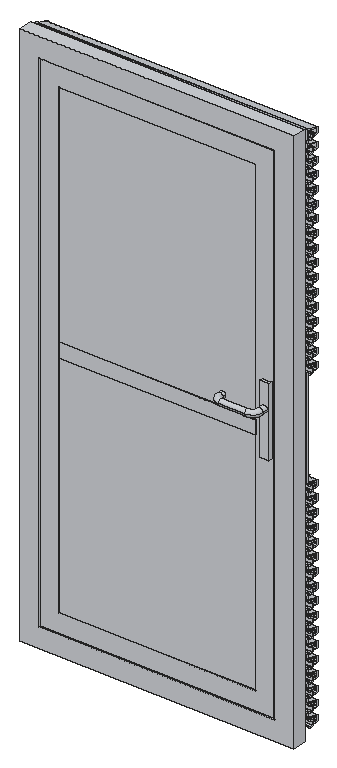
Revit family "NLRS_31_DO_WB_HS42R enkele deur-AV_jazo_jazo", category Doors, host Wall, Revit 2020 (continued)
Definition of nested family "NLRS_31_GM_UN_aluminium kozijn-AV"
  Dimensions and locks
    aligned and locked: nested 1 to plane 9 "achterkant kozijn"
    aligned and locked: plane 9 "achterkant kozijn" to nested 2
    aligned and locked: Sweep 1 sketch curve to plane 6 "Top"
    aligned and locked: plane 5 "Right" to Sweep 1 sketch curve
    aligned and locked: Sweep 1 sketch curve to plane 4 "Left"
    aligned and locked: level to Sweep 1 sketch curve
    aligned and locked: plane 5 "Right" to nested 2
    aligned and locked: plane 4 "Left" to nested 1
    aligned and locked: plane 6 "Top" to nested 3
    aligned and locked: plane 2 "Bottom" to nested 4
    aligned and locked: Sweep 2 sketch curve to plane 11 "offset boven"
    aligned and locked: plane 12 "offset rechts 1" to Sweep 2 sketch curve
    aligned and locked: plane 10 "offset links 1" to Sweep 2 sketch curve
    aligned and locked: curve 1 to plane 9 "achterkant kozijn"
    aligned and locked: curve 2 to plane 7 "voorkant kozijn"
    aligned and locked: plane 11 "offset boven" to Sweep 2
    aligned and locked: plane 7 "voorkant kozijn" to curve 3
    aligned and locked: curve 4 to plane 9 "achterkant kozijn"
  Automatic sketch dimensions
    Sweep 1 sketch curve to profile plane = 0 mm
    plane 1 "Center (Front/Back)" to Sweep 1 sketch curve = 4.5 mm
    Sweep 1 sketch curve to Sweep 1 sketch curve = 20 mm
    Sweep 1 sketch curve to Sweep 1 sketch curve = 32 mm
    Sweep 1 sketch curve to plane 1 "Center (Front/Back)" = 30 mm
    plane 1 "Center (Front/Back)" to Sweep 1 sketch curve = 30 mm
    Sweep 2 sketch curve to Sweep 2 sketch curve = 0 mm  (x3)
    profile plane to Sweep 2 sketch curve = 0 mm
    profile plane to Sweep 2 sketch curve = 2 mm
    profile plane to Sweep 2 sketch curve = 2.726 mm
    Sweep 2 sketch curve to Sweep 2 sketch curve = 1.932 mm  (x2)
    Sweep 2 sketch curve to Sweep 2 sketch curve = 6.451 mm
    Sweep 2 sketch curve to plane 1 "Center (Front/Back)" = 43.137 mm
    Sweep 2 sketch curve to Sweep 2 sketch curve = 2 mm
    Sweep 2 sketch curve to Sweep 2 sketch curve = 0.965 mm
    Sweep 2 sketch curve to Sweep 2 sketch curve = 10.172 mm
    plane 1 "Center (Front/Back)" to Sweep 2 sketch curve = 4.5 mm
    level to curve 3 = 20 mm
    level to curve 4 = 52 mm
    curve 4 to plane 11 "offset boven" = 32 mm
    curve 3 to plane 11 "offset boven" = 0 mm
    curve 2 to plane 10 "offset links 1" = 0 mm
    curve 5 to plane 13 "offset links 2" = 0 mm
    curve 1 to plane 13 "offset links 2" = 0 mm
    curve 5 to plane 14 "offset rechts 2" = 0 mm
    curve 1 to plane 14 "offset rechts 2" = 0 mm
    curve 2 to plane 12 "offset rechts 1" = 0 mm
    plane 1 "Center (Front/Back)" to curve 5 = 4.5 mm
  Nested families
    nested 1: "NLRS_31_DI_UN_alu kozijn detail" at (-500, 35, 0), visible <- "NLRS_C_zichtbaar_01", type "alu kozijn detail"
    nested 2: "NLRS_31_DI_UN_alu kozijn detail" at (500, 35, 0) x (-1, 0, 0) z (0, 0, 1), visible <- "NLRS_C_zichtbaar_01", type "alu kozijn detail"
    nested 3: "NLRS_31_DI_UN_alu kozijn detail" at (0, 35, 2000) x (0, 0, -1) z (1, 0, 0), visible <- "NLRS_C_zichtbaar_01", type "alu kozijn detail"
    nested 4: "NLRS_31_DI_UN_alu kozijn detail" at (0, 35, 0) x (0, 0, 1) z (1, 0, 0), visible <- "NLRS_C_zichtbaar_01", type "alu kozijn detail"
  Definition of nested family "NLRS_31_DI_UN_alu kozijn detail"
    Parameters (values of type "alu kozijn detail")
      URL = "www.jazo.com"
      Manufacturer = "Jazo Zevenaar BV"
      Description = "Aluminium kozijn detail"
      Assembly Code = "23.30.10.11.11"
    Reference planes
      plane 1 "Center (Front/Back)": y = 0
      plane 2: z = 0
      plane 3 "Center (Left/Right)": x = 0
    Lines and regions (mm)
      detail lines, in view "Ref. Level"
        curve 1: line (16.3, 18, 0) -> (16.3, 30, 0)
        curve 2: line (16.3, 30, 0) -> (18, 31.7, 0)
        curve 3: line (18, 31.7, 0) -> (18, 35.5, 0)
        curve 4: arc (18, 35.5, 0) -> (18.293, 36.207, 0) -> (19, 36.5, 0) r 1
        curve 5: line (19, 36.5, 0) -> (39.6, 36.5, 0)
        curve 6: line (39.6, 36.5, 0) -> (39.6, 38.3, 0)
        curve 7: arc (39.6, 38.3, 0) -> (39.893, 39.007, 0) -> (40.6, 39.3, 0) r 1
        curve 8: line (40.6, 39.3, 0) -> (50, 39.3, 0)
        curve 9: line (50, 39.3, 0) -> (50, 54.5, 0)
        curve 10: line (50, 54.5, 0) -> (48, 54.5, 0)
        curve 11: line (48, 54.5, 0) -> (48, 56, 0)
        curve 12: line (48, 56, 0) -> (50, 56, 0)
        curve 13: line (50, 56, 0) -> (50, 58, 0)
        curve 14: line (50, 58, 0) -> (18.3, 58, 0)
        curve 15: line (18.3, 58, 0) -> (18.3, 56, 0)
        curve 16: line (18.3, 56, 0) -> (20.3, 56, 0)
        curve 17: line (20.3, 56, 0) -> (20.3, 54.5, 0)
        curve 18: line (20.3, 54.5, 0) -> (18.3, 54.5, 0)
        curve 19: line (18.3, 54.5, 0) -> (18.3, 52, 0)
        curve 20: arc (18.3, 52, 0) -> (17.3, 51, 0) -> (16.3, 52, 0) r 1
        curve 21: line (16.3, 52, 0) -> (16.3, 58, 0)
        curve 22: line (16.3, 58, 0) -> (4, 58, 0)
        curve 23: line (4, 58, 0) -> (4, 48, 0)
        curve 24: line (4, 48, 0) -> (5.7, 47.019, 0)
        curve 25: line (5.7, 47.019, 0) -> (5.7, 38.1, 0)
        curve 26: line (5.7, 38.1, 0) -> (4, 37.119, 0)
        curve 27: line (4, 37.119, 0) -> (4, 29.491, 0)
        curve 28: line (4, 29.491, 0) -> (5.7, 28.51, 0)
        curve 29: line (5.7, 28.51, 0) -> (5.7, 12.981, 0)
        curve 30: line (5.7, 12.981, 0) -> (4, 12, 0)
        curve 31: line (4, 12, 0) -> (4, 4.5, 0)
        curve 32: line (4, 4.5, 0) -> (5.7, 3.519, 0)
        curve 33: line (5.7, 3.519, 0) -> (5.7, 2, 0)
        curve 34: line (5.7, 2, 0) -> (16.3, 2, 0)
        curve 35: line (16.3, 2, 0) -> (16.3, 9, 0)
        curve 36: line (16.3, 9, 0) -> (18, 9.981, 0)
        curve 37: line (18, 9.981, 0) -> (18, 16.3, 0)
        curve 38: line (18, 16.3, 0) -> (16.3, 18, 0)
        curve 39: line (42.724, 34.5, 0) -> (20, 34.5, 0)
        curve 40: line (20, 34.5, 0) -> (20, 25, 0)
        curve 41: line (20, 34.5, 0) -> (20, 0, 0)
        curve 42: line (20, 0, 0) -> (0, 0, 0)
        curve 43: line (0, 0, 0) -> (0, 2, 0)
        curve 44: line (0, 2, 0) -> (2, 2, 0)
        curve 45: line (2, 2, 0) -> (2, 12, 0)
        curve 46: line (2, 12, 0) -> (0, 12, 0)
        curve 47: line (0, 12, 0) -> (0, 14, 0)
        curve 48: line (0, 14, 0) -> (2, 14, 0)
        curve 49: line (2, 14, 0) -> (2, 46, 0)
        curve 50: line (2, 46, 0) -> (0, 46, 0)
        curve 51: line (0, 46, 0) -> (0, 48, 0)
        curve 52: line (0, 48, 0) -> (2, 48, 0)
        curve 53: line (2, 48, 0) -> (2, 58, 0)
        curve 54: line (2, 58, 0) -> (0, 58, 0)
        curve 55: line (0, 58, 0) -> (0, 60, 0)
        curve 56: line (0, 60, 0) -> (52, 60, 0)
        curve 57: line (52, 60, 0) -> (52, 34.5, 0)
        curve 58: line (52, 34.5, 0) -> (48.876, 34.5, 0)
        curve 59: line (42.724, 34.5, 0) -> (20, 34.5, 0)
        curve 60: line (41.6, 35.5, 0) -> (43, 35.5, 0)
        curve 61: line (41.6, 37.3, 0) -> (41.6, 35.5, 0)
        curve 62: line (50, 37.3, 0) -> (41.6, 37.3, 0)
        curve 63: line (50, 35.5, 0) -> (50, 37.3, 0)
        curve 64: line (48.6, 35.5, 0) -> (50, 35.5, 0)
        curve 65: arc (42.724, 34.5, 0) -> (43.243, 34.895, 0) -> (43, 35.5, 0) r 0.538
        curve 66: arc (48.876, 34.5, 0) -> (48.357, 34.895, 0) -> (48.6, 35.5, 0) r 0.538
Definition of nested family "NLRS_31_GM_UN_aluminium planken opbouwroosters-AV"
  Parameters (values of type "aluminium planken")
    URL = "www.jazo.com"
    NLRS_C_zichtbaar_02 = if(JAZO_C_aluminium kozijn, if(and(NLRS_C_inbraakwerend, JAZO_C_ventilerend), 1 < 2, if(and(NLRS_C_inbraakwerend, JAZO_C_ventilerend), 1 < 2, 2 < 1)), 2 < 1)  # no
    NLRS_C_zichtbaar_01 = if(JAZO_C_aluminium kozijn, if(or(JAZO_C_niet ventilerend, NLRS_C_zichtbaar_02), 1 < 2, 2 < 1), 2 < 1)  # yes
    NLRS_C_offset_01 = 10 mm
    NLRS_C_materiaal = none
    NLRS_C_inbraakwerend = no
    NLRS_C_hoogte_04 = (NLRS_C_hoogte / 2) - 102.5 mm - 138 mm  # 1159.5 mm
    NLRS_C_hoogte_03 = (NLRS_C_hoogte / 2) - 102.5 mm - 142 mm  # 1155.5 mm
    NLRS_C_hoogte_02 = NLRS_C_hoogte - 33 mm - 37 mm  # 2730 mm
    NLRS_C_hoogte = 2800 mm
    NLRS_C_diepte = 60 mm  # constant formula
    NLRS_C_breedte_03 = NLRS_C_breedte - (129 mm * 2)  # 1142 mm
    NLRS_C_breedte_02 = NLRS_C_breedte - (123.5 mm * 2)  # 1153 mm
    NLRS_C_breedte_01 = NLRS_C_breedte - 24 mm * 2  # 1352 mm
    NLRS_C_breedte = 1400 mm
    NLRS_C_aantal_02 = NLRS_C_hoogte_04 / 20 mm  # 58
    NLRS_C_aantal_01 = NLRS_C_hoogte_03 / 20 mm  # 58
    Model = ""
    Manufacturer = "JAZO Zevenaar bv"
    Keynote = ""
    JAZO_C_ventilerend = no
    JAZO_C_niet ventilerend = yes
    JAZO_C_aluminium kozijn = yes
    Description = "Aluminium planken"
    Default Elevation = 0 mm
    Assembly Code = "23.30.10.11"
  Reference planes
    plane 1 "Center (Front/Back)": y = 0
    plane 2 "Bottom": z = 0
    plane 3 "Center (Left/Right)": x = 0
    plane 4 "Left": x = -700
    plane 5 "Right": x = 700
    plane 6 "Top": z = 2800
    plane 7 "voorkant kozijn": y = 30
    plane 8 "achterkant kozijn": y = -30
    plane 9 "offset b": z = 2763
    plane 10 "offset o": z = 33
    plane 11 "onder 1": z = 138
    plane 12 "boven 1": z = 1297.5
    plane 13 "Center (Elevation)": z = 1400
    plane 14 "onder 2": z = 1502.5
    plane 15 "boven 2": z = 2658
    plane 16 "offset left": x = -676
    plane 17 "boven 3": x = 676
    plane 18 "offset links 2": x = -571
    plane 19 "offset rechts 2": x = 571
    plane 20 "offset bottom": y = -7.192
    plane 21 "offset top": y = 7.192
    plane 22 "achterkant plank": y = -15.008
    plane 23 "voorkant plank": y = 15.008
    plane 24: x = -561
    plane 25: x = 561
    plane 26: z = 2648
    plane 27: z = 1512.5
    plane 28: z = 1287.5
    plane 29: z = 148
  Forms (mm)
    Extrusion 1, solid, material <- "NLRS_C_materiaal", visible <- "NLRS_C_zichtbaar_01"
      sketch origin (0, 0, 0) x (1, 0, 0) y (0, 0, 1)
        loop
          line (-571, 2658) -> (-571, 1502.5) -> (571, 1502.5) -> (571, 2658) -> (-571, 2658)
        loop
          line (-571, 1297.5) -> (-571, 138) -> (571, 138) -> (571, 1297.5) -> (-571, 1297.5)
      from -7.192 to 7.192
    Extrusion 2, solid, visible <- "NLRS_C_zichtbaar_02"
      sketch origin (1000, 0, 0) x (1, 0, 0) y (0, 0, 1)
        loop
          line (-1561, 2648) -> (-1561, 1512.5) -> (-439, 1512.5) -> (-439, 2648) -> (-1561, 2648)
        loop
          line (-1561, 1287.5) -> (-1561, 148) -> (-439, 148) -> (-439, 1287.5) -> (-1561, 1287.5)
      from -7.192 to 7.192
  Lines and regions (mm)
    symbolic lines, visible <- "JAZO_C_aluminium kozijn"
      curve 1: line (-576.485, -15.008, 0) -> (576.485, -15.008, 0)
      curve 2: line (576.485, 15.008, 0) -> (-576.485, 15.008, 0)
  Dimensions and locks
    "NLRS_C_hoogte": plane 6 "Top" to plane 2 "Bottom"
    "NLRS_C_breedte": plane 4 "Left" to plane 5 "Right"
    equal spacing: plane 4 "Left", plane 3 "Center (Left/Right)", plane 5 "Right"
    "NLRS_C_diepte": plane 7 "voorkant kozijn" to plane 8 "achterkant kozijn"
    equal spacing: plane 7 "voorkant kozijn", plane 1 "Center (Front/Back)", plane 8 "achterkant kozijn"
    locked: plane 10 "offset o" to plane 2 "Bottom" at 33
    locked: plane 6 "Top" to plane 9 "offset b" at 37
    plane 9 "offset b" to plane 10 "offset o" = 2730 mm
    equal spacing: plane 6 "Top", plane 13 "Center (Elevation)", plane 2 "Bottom"
    locked: plane 13 "Center (Elevation)" to plane 12 "boven 1" at 102.5
    locked: plane 11 "onder 1" to plane 2 "Bottom" at 138
    locked: plane 14 "onder 2" to plane 13 "Center (Elevation)" at 102.5
    locked: plane 6 "Top" to plane 15 "boven 2" at 142
    equal spacing: plane 16 "offset left", plane 3 "Center (Left/Right)", plane 17 "boven 3"
    "NLRS_C_breedte_01": plane 16 "offset left" to plane 17 "boven 3"
    "NLRS_C_breedte_03": plane 18 "offset links 2" to plane 19 "offset rechts 2"
    equal spacing: plane 18 "offset links 2", plane 3 "Center (Left/Right)", plane 19 "offset rechts 2"
    equal spacing: plane 22 "achterkant plank", plane 1 "Center (Front/Back)", plane 23 "voorkant plank"
    locked: plane 22 "achterkant plank" to plane 23 "voorkant plank" at 30.015
    locked: plane 21 "offset top" to plane 20 "offset bottom" at 14.385
    equal spacing: plane 21 "offset top", plane 1 "Center (Front/Back)", plane 20 "offset bottom"
    "NLRS_C_offset_01": plane 29 to plane 11 "onder 1"
    "NLRS_C_offset_01": plane 12 "boven 1" to plane 28
    "NLRS_C_offset_01": plane 27 to plane 14 "onder 2"
    "NLRS_C_offset_01": plane 15 "boven 2" to plane 26
    "NLRS_C_offset_01": plane 19 "offset rechts 2" to plane 25
    "NLRS_C_offset_01": plane 24 to plane 18 "offset links 2"
    aligned and locked: level to plane 2 "Bottom"
    aligned and locked: plane 1 "Center (Front/Back)" to nested 1
    aligned and locked: nested 1 to plane 16 "offset left"
    aligned and locked: plane 17 "boven 3" to nested 2
    aligned and locked: plane 10 "offset o" to nested 1
    aligned and locked: nested 2 to plane 10 "offset o"
    aligned and locked: plane 9 "offset b" to nested 3
    aligned and locked: plane 1 "Center (Front/Back)" to nested 3
    aligned and locked: plane 3 "Center (Left/Right)" to nested 3
    aligned and locked: plane 3 "Center (Left/Right)" to nested 4
    aligned and locked: plane 1 "Center (Front/Back)" to nested 4
    aligned and locked: plane 10 "offset o" to nested 4
    aligned and locked: plane 3 "Center (Left/Right)" to nested 5
    aligned and locked: plane 1 "Center (Front/Back)" to nested 5
    aligned and locked: plane 13 "Center (Elevation)" to nested 5
    aligned and locked: Extrusion 1 sketch curve to plane 15 "boven 2"
    aligned and locked: plane 18 "offset links 2" to Extrusion 1 sketch curve  (x2)
    aligned and locked: Extrusion 1 sketch curve to plane 14 "onder 2"
    aligned and locked: Extrusion 1 sketch curve to plane 19 "offset rechts 2"
    aligned and locked: Extrusion 1 sketch curve to plane 12 "boven 1"
    aligned and locked: Extrusion 1 sketch curve to plane 11 "onder 1"
    aligned and locked: plane 19 "offset rechts 2" to Extrusion 1 sketch curve
    aligned and locked: Extrusion 1 to plane 21 "offset top"
    aligned and locked: Extrusion 1 to plane 20 "offset bottom"
    aligned and locked: plane 22 "achterkant plank" to curve 1
    aligned and locked: plane 23 "voorkant plank" to curve 2
    aligned and locked: Extrusion 2 to plane 20 "offset bottom"
    aligned and locked: Extrusion 2 to plane 21 "offset top"
    aligned and locked: plane 24 to Extrusion 2 sketch curve  (x2)
    aligned and locked: plane 26 to Extrusion 2 sketch curve
    aligned and locked: Extrusion 2 sketch curve to plane 25  (x2)
    aligned and locked: plane 27 to Extrusion 2 sketch curve
    aligned and locked: Extrusion 2 sketch curve to plane 28
    aligned and locked: Extrusion 2 sketch curve to plane 29
  Automatic sketch dimensions
    curve 2 to plane 18 "offset links 2" = 5.485 mm
    curve 1 to plane 18 "offset links 2" = 5.485 mm
    curve 2 to plane 19 "offset rechts 2" = 5.485 mm
    curve 1 to plane 19 "offset rechts 2" = 5.485 mm
  Nested families
    nested 1: "NLRS_31_GM_UN_tussenplank 100-AV" at (-623.5, 0, 33), visible <- "JAZO_C_aluminium kozijn", type "tussenplank 100"
      with NLRS_C_zichtbaar_01 yes, NLRS_C_hoogte 2730 mm
    nested 2: "NLRS_31_GM_UN_tussenplank 100-AV" at (623.5, 0, 33) x (-1, 0, 0) z (0, 0, 1), visible <- "JAZO_C_aluminium kozijn", type "tussenplank 100"
      with NLRS_C_zichtbaar_01 yes, NLRS_C_hoogte 2730 mm
    nested 3: "NLRS_31_GM_UN_tussenplank 100 horziontaal-AV" at (0, 0, 2658), visible <- "JAZO_C_aluminium kozijn", type "tussenplank 100mm horzitontaal boven"
    nested 4: "NLRS_31_GM_UN_tussenplank 100 horziontaal-AV" at (0, 0, 33), visible <- "JAZO_C_aluminium kozijn", type "tussenplank 100mm horzitontaal onder"
    nested 5: "NLRS_31_GM_UN_tussenplank 200 horizontaal-AV" at (0, 0, 1297.5), visible <- "JAZO_C_aluminium kozijn", type "tussenplank 200mm"
      with NLRS_C_zichtbaar_01 yes, NLRS_C_breedte 1153 mm
  Definition of nested family "NLRS_31_GM_UN_tussenplank 100-AV"
    Parameters (values of type "tussenplank 100")
      URL = "www.jazo.com"
      NLRS_C_zichtbaar_01 [instance] = yes
      NLRS_C_materiaal = none
      NLRS_C_hoogte = 2334 mm
      NLRS_C_breedte = 105 mm  # constant formula
      Model = ""
      Manufacturer = "Jazo Zevenaar bv"
      Description = "Aluminium tussenplank 100mm"
      Default Elevation = 0 mm
      Assembly Code = "23.30.10.11"
    Reference planes
      plane 1 "Center (Front/Back)": y = 0
      plane 2 "Bottom": z = 0
      plane 3 "Center (Left/Right)": x = 0
      plane 4 "Left": x = -52.5
      plane 5 "Right": x = 52.5
      plane 6 "Top": z = 2334
    Forms (mm)
      Extrusion 1, solid, material <- "NLRS_C_materiaal", visible <- "NLRS_C_zichtbaar_01"
        sketch origin (0, -15.008, 0) x (1, 0, 0) y (0, 1, 0)
          loop
            line (47.015, 30) -> (-52.5, 30) -> (-52.5, 28) -> (-49.253, 28) -> (-47.015, 22.295) -> (-47.015, 7.721) -> (-49.253, 2) -> (-52.5, 2) -> (-52.5, 0) -> (47.015, 0) -> (47.015, 2.5) -> (50.42, 2.5) -> (52.5, 7.815) -> (52.5, 22.2) -> (50.42, 27.5) -> (47.015, 27.5) -> (47.015, 30)
          loop
            line (-44.5, 2) -> (-36.3, 2) -> (-36.3, 4.5) -> (-34.3, 4.5) -> (-34.3, 2) -> (45.015, 2) -> (45.015, 4.25) -> (49.8, 4.25) -> (49.8, 25.75) -> (45.015, 25.75) -> (45.015, 28) -> (-34.3, 28) -> (-34.3, 25.5) -> (-36.3, 25.5) -> (-36.3, 28) -> (-44.5, 28) -> (-44.5, 2)
        from 0 to 2334
    Dimensions and locks
      equal spacing: plane 4 "Left", plane 3 "Center (Left/Right)", plane 5 "Right"
      "NLRS_C_breedte": plane 4 "Left" to plane 5 "Right"
      "NLRS_C_hoogte": plane 6 "Top" to plane 2 "Bottom"
      aligned and locked: level to plane 2 "Bottom"
      aligned and locked: plane 6 "Top" to Extrusion 1
      aligned and locked: Extrusion 1 to level
    Automatic sketch dimensions
      Extrusion 1 sketch curve to plane 4 "Left" = 0 mm  (x2)
      Extrusion 1 sketch curve to plane 5 "Right" = 0 mm
      Extrusion 1 sketch curve to plane 4 "Left" = 3.247 mm  (x2)
      Extrusion 1 sketch curve to plane 4 "Left" = 5.485 mm
      Extrusion 1 sketch curve to Extrusion 1 sketch curve = 4.753 mm
      Extrusion 1 sketch curve to Extrusion 1 sketch curve = 8.2 mm  (x2)
      Extrusion 1 sketch curve to Extrusion 1 sketch curve = 2 mm  (x6)
      plane 5 "Right" to Extrusion 1 sketch curve = 7.485 mm  (x2)
      plane 5 "Right" to Extrusion 1 sketch curve = 2.7 mm
      Extrusion 1 sketch curve to Extrusion 1 sketch curve = 0.62 mm  (x2)
      plane 1 "Center (Front/Back)" to Extrusion 1 sketch curve = 15.008 mm
      plane 1 "Center (Front/Back)" to Extrusion 1 sketch curve = 13.008 mm
      Extrusion 1 sketch curve to Extrusion 1 sketch curve = 0 mm  (x3)
      Extrusion 1 sketch curve to Extrusion 1 sketch curve = 2.5 mm  (x2)
      Extrusion 1 sketch curve to Extrusion 1 sketch curve = 2.25 mm
      Extrusion 1 sketch curve to Extrusion 1 sketch curve = 5.721 mm
      Extrusion 1 sketch curve to Extrusion 1 sketch curve = 3.565 mm
      Extrusion 1 sketch curve to plane 1 "Center (Front/Back)" = 7.192 mm
      Extrusion 1 sketch curve to plane 1 "Center (Front/Back)" = 7.287 mm
      Extrusion 1 sketch curve to plane 1 "Center (Front/Back)" = 10.492 mm
      Extrusion 1 sketch curve to Extrusion 1 sketch curve = 3.55 mm
      Extrusion 1 sketch curve to Extrusion 1 sketch curve = 1.75 mm
      Extrusion 1 sketch curve to Extrusion 1 sketch curve = 0.5 mm
  Definition of nested family "NLRS_31_GM_UN_tussenplank 100 horziontaal-AV"
    Parameters (values of type "tussenplank 100mm horzitontaal boven")
      URL = "www.jazo.com"
      NLRS_C_zichtbaar_02 = yes
      NLRS_C_zichtbaar_01 = no
      NLRS_C_materiaal = none
      NLRS_C_hoogte = 105 mm  # constant formula
      NLRS_C_breedte = 1153 mm
      Model = ""
      Manufacturer = "Jazo Zevenaar bv"
      Description = "Aluminium tussenplank 100mm horzitontaal boven"
      Default Elevation = 0 mm
      Assembly Code = "23.30.10.11"
    Types (2, lengths in mm): name | NLRS_C_zichtbaar_02 | NLRS_C_zichtbaar_01 | Description
      tussenplank 100mm horzitontaal boven | yes | no | "Aluminium tussenplank 100mm horzitontaal boven"
      tussenplank 100mm horzitontaal onder | no | yes | "Aluminium tussenplank 100mm horzitontaal onder"
    Reference planes
      plane 1 "Center (Front/Back)": y = 0
      plane 2 "Bottom": z = 0
      plane 3 "Center (Left/Right)": x = 0
      plane 4 "Left": x = -576.5
      plane 5 "Right": x = 576.5
      plane 6 "Top": z = 105
    Forms (mm)
      Extrusion 1, solid, material <- "NLRS_C_materiaal", visible <- "NLRS_C_zichtbaar_01"
        sketch origin (0, 0, 0) x (0, 1, 0) y (0, 0, 1)
          loop
            line (14.992, 99.515) -> (12.492, 99.515) -> (12.492, 102.92) -> (7.192, 105) -> (-7.192, 105) -> (-12.508, 102.92) -> (-12.508, 99.515) -> (-15.008, 99.515) -> (-15.008, 0) -> (-13.008, 0) -> (-13.008, 3.247) -> (-7.287, 5.485) -> (7.287, 5.485) -> (12.992, 3.247) -> (12.992, 0) -> (14.992, 0) -> (14.992, 99.515)
          loop
            line (-13.008, 8) -> (12.992, 8) -> (12.992, 16.2) -> (10.492, 16.2) -> (10.492, 18.2) -> (12.992, 18.2) -> (12.992, 97.515) -> (10.742, 97.515) -> (10.742, 102.3) -> (-10.758, 102.3) -> (-10.758, 97.515) -> (-13.008, 97.515) -> (-13.008, 18.2) -> (-10.508, 18.2) -> (-10.508, 16.2) -> (-13.008, 16.2) -> (-13.008, 8)
        from -576.5 to 576.5
      Extrusion 2, solid, material <- "NLRS_C_materiaal", visible <- "NLRS_C_zichtbaar_02"
        sketch origin (0, -0.008, 105) x (0, -1, 0) y (0, 0, -1)
          loop
            line (14.992, 99.515) -> (12.492, 99.515) -> (12.492, 102.92) -> (7.192, 105) -> (-7.192, 105) -> (-12.508, 102.92) -> (-12.508, 99.515) -> (-15.008, 99.515) -> (-15.008, 0) -> (-13.008, 0) -> (-13.008, 3.247) -> (-7.287, 5.485) -> (7.287, 5.485) -> (12.992, 3.247) -> (12.992, 0) -> (14.992, 0) -> (14.992, 99.515)
          loop
            line (-13.008, 8) -> (12.992, 8) -> (12.992, 16.2) -> (10.492, 16.2) -> (10.492, 18.2) -> (12.992, 18.2) -> (12.992, 97.515) -> (10.742, 97.515) -> (10.742, 102.3) -> (-10.758, 102.3) -> (-10.758, 97.515) -> (-13.008, 97.515) -> (-13.008, 18.2) -> (-10.508, 18.2) -> (-10.508, 16.2) -> (-13.008, 16.2) -> (-13.008, 8)
        from -576.5 to 576.5
    Dimensions and locks
      equal spacing: plane 4 "Left", plane 3 "Center (Left/Right)", plane 5 "Right"
      "NLRS_C_breedte": plane 4 "Left" to plane 5 "Right"
      "NLRS_C_hoogte": plane 6 "Top" to plane 2 "Bottom"
      aligned and locked: level to plane 2 "Bottom"
      aligned and locked: plane 4 "Left" to Extrusion 1
      aligned and locked: Extrusion 1 to plane 5 "Right"
      aligned and locked: plane 4 "Left" to Extrusion 2
      aligned and locked: Extrusion 2 to plane 5 "Right"
    Automatic sketch dimensions
      plane 1 "Center (Front/Back)" to Extrusion 1 sketch curve = 15.008 mm
      Extrusion 1 sketch curve to Extrusion 1 sketch curve = 2 mm  (x5)
      level to Extrusion 1 sketch curve = 18.2 mm
      Extrusion 1 sketch curve to Extrusion 1 sketch curve = 0 mm  (x5)
      Extrusion 1 sketch curve to Extrusion 1 sketch curve = 2.5 mm  (x2)
      Extrusion 1 sketch curve to Extrusion 1 sketch curve = 2.25 mm
      Extrusion 1 sketch curve to Extrusion 1 sketch curve = 5.721 mm
      Extrusion 1 sketch curve to Extrusion 1 sketch curve = 3.565 mm
      Extrusion 1 sketch curve to Extrusion 1 sketch curve = 14.385 mm
      Extrusion 1 sketch curve to Extrusion 1 sketch curve = 14.574 mm
      level to Extrusion 1 sketch curve = 16.2 mm  (x2)
      Extrusion 1 sketch curve to Extrusion 1 sketch curve = 3.205 mm
      Extrusion 1 sketch curve to Extrusion 1 sketch curve = 3.55 mm
      Extrusion 1 sketch curve to Extrusion 1 sketch curve = 1.75 mm
      Extrusion 1 sketch curve to Extrusion 1 sketch curve = 0.5 mm
      level to Extrusion 1 sketch curve = 3.247 mm  (x2)
      Extrusion 1 sketch curve to Extrusion 1 sketch curve = 3.247 mm  (x2)
      Extrusion 1 sketch curve to Extrusion 1 sketch curve = 2.239 mm
      Extrusion 1 sketch curve to Extrusion 1 sketch curve = 4.753 mm
      Extrusion 1 sketch curve to Extrusion 1 sketch curve = 79.315 mm
      Extrusion 1 sketch curve to Extrusion 1 sketch curve = 2.785 mm
      Extrusion 1 sketch curve to Extrusion 1 sketch curve = 0.62 mm  (x2)
      Extrusion 1 sketch curve to Extrusion 1 sketch curve = 2.7 mm
      Extrusion 2 sketch curve to plane 6 "Top" = 0 mm  (x2)
      Extrusion 2 sketch curve to level = 0 mm
      level to Extrusion 2 sketch curve = 5.485 mm
      Extrusion 2 sketch curve to plane 1 "Center (Front/Back)" = 15 mm
      Extrusion 2 sketch curve to Extrusion 2 sketch curve = 2 mm  (x6)
      Extrusion 2 sketch curve to Extrusion 2 sketch curve = 0 mm  (x4)
      level to Extrusion 2 sketch curve = 2.08 mm  (x2)
      Extrusion 2 sketch curve to Extrusion 2 sketch curve = 2.5 mm  (x2)
      Extrusion 2 sketch curve to Extrusion 2 sketch curve = 2.25 mm
      Extrusion 2 sketch curve to Extrusion 2 sketch curve = 5.721 mm
      Extrusion 2 sketch curve to Extrusion 2 sketch curve = 3.565 mm
      Extrusion 2 sketch curve to Extrusion 2 sketch curve = 14.385 mm
      Extrusion 2 sketch curve to plane 6 "Top" = 5.485 mm
      Extrusion 2 sketch curve to Extrusion 2 sketch curve = 14.574 mm
      Extrusion 2 sketch curve to Extrusion 2 sketch curve = 3.205 mm
      Extrusion 2 sketch curve to Extrusion 2 sketch curve = 3.55 mm
      Extrusion 2 sketch curve to Extrusion 2 sketch curve = 1.75 mm
      Extrusion 2 sketch curve to Extrusion 2 sketch curve = 0.5 mm
      Extrusion 2 sketch curve to plane 6 "Top" = 3.247 mm
      Extrusion 2 sketch curve to Extrusion 2 sketch curve = 3.247 mm
      Extrusion 2 sketch curve to Extrusion 2 sketch curve = 4.753 mm
      Extrusion 2 sketch curve to Extrusion 2 sketch curve = 8.2 mm  (x2)
      Extrusion 2 sketch curve to Extrusion 2 sketch curve = 5.406 mm
      Extrusion 2 sketch curve to Extrusion 2 sketch curve = 0.62 mm
  Definition of nested family "NLRS_31_GM_UN_tussenplank 200 horizontaal-AV"
    Parameters (values of type "tussenplank 200mm")
      URL = "www.jazo.com"
      NLRS_C_zichtbaar_01 [instance] = yes
      NLRS_C_materiaal = none
      NLRS_C_hoogte = 205 mm  # constant formula
      NLRS_C_breedte = 1027 mm
      Model = ""
      Manufacturer = "Jazo Zevenaar bv"
      Description = "Aluminium tussenplank 200mm"
      Default Elevation = 0 mm
      Assembly Code = "23.30.10.11"
    Reference planes
      plane 1 "Center (Front/Back)": y = 0
      plane 2 "Bottom": z = 0
      plane 3 "Center (Left/Right)": x = 0
      plane 4 "Top": z = 205
      plane 5 "Left": x = -513.5
      plane 6 "Right": x = 513.5
      plane 7 "Center (Elevation)": z = 102.5
    Forms (mm)
      Extrusion 1, solid, material <- "NLRS_C_materiaal"
        sketch origin (0, 0, 0) x (0, 1, 0) y (0, 0, 1)
          loop
            line (14.992, 101.796) -> (14.284, 102.504) -> (14.992, 103.212) -> (14.992, 199.515) -> (12.492, 199.515) -> (12.492, 202.92) -> (7.192, 205) -> (-7.192, 205) -> (-12.508, 202.92) -> (-12.508, 199.515) -> (-15.008, 199.515) -> (-15.008, 103.207) -> (-14.301, 102.5) -> (-15.008, 101.793) -> (-15.008, 0) -> (-13.008, 0) -> (-13.008, 3.21) -> (-7.192, 5.485) -> (7.192, 5.485) -> (12.992, 3.21) -> (12.992, 0) -> (14.992, 0) -> (14.992, 101.796)
          loop
            line (-13.008, 8) -> (12.992, 8) -> (12.992, 16.2) -> (10.492, 16.2) -> (10.492, 18.2) -> (12.992, 18.2) -> (12.992, 103.907) -> (-13.008, 103.907) -> (-13.008, 18.2) -> (-10.508, 18.2) -> (-10.508, 16.2) -> (-13.008, 16.2) -> (-13.008, 8)
          loop
            line (-13.008, 105.907) -> (12.992, 105.907) -> (12.992, 197.515) -> (10.742, 197.515) -> (10.742, 202.3) -> (-10.758, 202.3) -> (-10.758, 197.515) -> (-13.008, 197.515) -> (-13.008, 105.907)
        from -513.5 to 513.5
    Dimensions and locks
      equal spacing: plane 5 "Left", plane 3 "Center (Left/Right)", plane 6 "Right"
      "NLRS_C_breedte": plane 5 "Left" to plane 6 "Right"
      "NLRS_C_hoogte": plane 4 "Top" to plane 2 "Bottom"
      equal spacing: plane 4 "Top", plane 7 "Center (Elevation)", level
      aligned and locked: level to plane 2 "Bottom"
      aligned and locked: plane 5 "Left" to Extrusion 1
      aligned and locked: Extrusion 1 to plane 6 "Right"
    Automatic sketch dimensions
      plane 1 "Center (Front/Back)" to Extrusion 1 sketch curve = 15.008 mm
      Extrusion 1 sketch curve to Extrusion 1 sketch curve = 0 mm  (x5)
      Extrusion 1 sketch curve to Extrusion 1 sketch curve = 0.707 mm  (x2)
      Extrusion 1 sketch curve to Extrusion 1 sketch curve = 2 mm  (x8)
      Extrusion 1 sketch curve to Extrusion 1 sketch curve = 1.293 mm
      Extrusion 1 sketch curve to Extrusion 1 sketch curve = 2.5 mm  (x2)
      Extrusion 1 sketch curve to Extrusion 1 sketch curve = 1.75 mm  (x2)
      Extrusion 1 sketch curve to Extrusion 1 sketch curve = 3.565 mm
      Extrusion 1 sketch curve to Extrusion 1 sketch curve = 5.815 mm
      Extrusion 1 sketch curve to Extrusion 1 sketch curve = 14.385 mm  (x2)
      level to Extrusion 1 sketch curve = 18.2 mm  (x2)
      Extrusion 1 sketch curve to Extrusion 1 sketch curve = 3.3 mm
      Extrusion 1 sketch curve to Extrusion 1 sketch curve = 3.55 mm
      Extrusion 1 sketch curve to Extrusion 1 sketch curve = 5.8 mm
      Extrusion 1 sketch curve to Extrusion 1 sketch curve = 1.292 mm
      Extrusion 1 sketch curve to Extrusion 1 sketch curve = 0.708 mm  (x3)
      Extrusion 1 sketch curve to Extrusion 1 sketch curve = 8.2 mm
      Extrusion 1 sketch curve to Extrusion 1 sketch curve = 2.515 mm
      Extrusion 1 sketch curve to Extrusion 1 sketch curve = 4.79 mm  (x2)
      Extrusion 1 sketch curve to Extrusion 1 sketch curve = 3.21 mm  (x2)
      level to Extrusion 1 sketch curve = 101.793 mm
      Extrusion 1 sketch curve to Extrusion 1 sketch curve = 0.003 mm
      Extrusion 1 sketch curve to Extrusion 1 sketch curve = 1.407 mm
      Extrusion 1 sketch curve to Extrusion 1 sketch curve = 91.607 mm
      Extrusion 1 sketch curve to Extrusion 1 sketch curve = 2.785 mm
      Extrusion 1 sketch curve to Extrusion 1 sketch curve = 0.62 mm  (x2)
      Extrusion 1 sketch curve to Extrusion 1 sketch curve = 2.7 mm
Definition of nested family "NLRS_31_DI_UN_markering"
  Parameters (values of type "NLRS_C_31_DI_markering")
    URL = "www.jazo.com"
    NLRS_C_zichtbaar_01 = if(or(NLRS_C_brandwerend, NLRS_C_zelfsluitend), 1 < 2, 2 < 1)  # no
    NLRS_C_zelfsluitend = no
    NLRS_C_brandwerend = no
    Manufacturer = "JAZO Zevenaar bv"
    Description = "Markering detail"
  Reference planes
    plane 1 "Center (Front/Back)": y = 0
    plane 2: z = 0
    plane 3 "Center (Left/Right)": x = 0
    plane 4 "voorkant kozijn": y = 30
    plane 5 "achterkant kozijn": y = -30
    plane 6 "Right": x = 20
    plane 7 "Left": x = -20
    plane 8 "offset left": x = -25
    plane 9 "offset right": x = 25
    plane 10 "achterkant": y = -129.538
    plane 11 "voorkant": y = 129.538
  Lines and regions (mm)
    detail lines, in view "Ref. Level", visible <- "NLRS_C_zichtbaar_01"
      curve 1: line (0, -129.538, 0) -> (0, 129.538, 0)
    detail lines, in view "Ref. Level", visible <- "NLRS_C_brandwerend"
      curve 2: line (-20, -129.538, 0) -> (20, -101.53, 0)
      curve 3: line (20, -129.538, 0) -> (-20, -101.53, 0)
      curve 4: line (-20, -101.53, 0) -> (20, -73.522, 0)
      curve 5: line (20, -101.53, 0) -> (-20, -73.522, 0)
      curve 6: line (-20, 129.538, 0) -> (20, 101.53, 0)
      curve 7: line (20, 129.538, 0) -> (-20, 101.53, 0)
      curve 8: line (-20, 101.53, 0) -> (20, 73.522, 0)
      curve 9: line (20, 101.53, 0) -> (-20, 73.522, 0)
    detail lines, in view "Ref. Level", visible <- "NLRS_C_zelfsluitend"
      curve 10: line (-25, -70.021, 0) -> (25, -35.01, 0)
      curve 11: line (25, -35.01, 0) -> (-25, 0, 0)
      curve 12: line (-25, 0, 0) -> (25, 35.01, 0)
      curve 13: line (25, 35.01, 0) -> (-25, 70.021, 0)
  Dimensions and locks
    equal spacing: plane 5 "achterkant kozijn", plane 1 "Center (Front/Back)", plane 4 "voorkant kozijn"
    equal spacing: plane 7 "Left", plane 3 "Center (Left/Right)", plane 6 "Right"
    locked: plane 7 "Left" to plane 6 "Right" at 40
    locked: plane 8 "offset left" to plane 7 "Left" at 5
    locked: plane 6 "Right" to plane 9 "offset right" at 5
    equal spacing: plane 11 "voorkant", plane 1 "Center (Front/Back)", plane 10 "achterkant"
    locked: plane 11 "voorkant" to plane 10 "achterkant" at 259.077
    locked: plane 5 "achterkant kozijn" to plane 4 "voorkant kozijn" at 60
    aligned and locked: plane 3 "Center (Left/Right)" to curve 1
  Automatic sketch dimensions
    curve 12 to plane 8 "offset left" = 0 mm
    curve 10 to plane 8 "offset left" = 0 mm
    curve 13 to plane 8 "offset left" = 0 mm
    curve 3 to plane 7 "Left" = 0 mm
    curve 8 to plane 7 "Left" = 0 mm
    curve 9 to plane 7 "Left" = 0 mm
    curve 5 to plane 7 "Left" = 0 mm
    curve 6 to plane 7 "Left" = 0 mm
    curve 8 to plane 6 "Right" = 0 mm
    curve 9 to plane 6 "Right" = 0 mm
    curve 7 to plane 6 "Right" = 0 mm
    curve 2 to plane 6 "Right" = 0 mm
    curve 3 to plane 6 "Right" = 0 mm
    curve 4 to plane 6 "Right" = 0 mm
    curve 13 to plane 9 "offset right" = 0 mm
    curve 11 to plane 9 "offset right" = 0 mm
    plane 5 "achterkant kozijn" to curve 3 = 71.53 mm
    curve 3 to curve 2 = 0 mm
    plane 5 "achterkant kozijn" to curve 10 = 5.01 mm
    plane 1 "Center (Front/Back)" to curve 12 = 0 mm
    curve 12 to plane 4 "voorkant kozijn" = 5.01 mm
    curve 12 to curve 6 = 66.52 mm
    curve 7 to curve 6 = 0 mm
    curve 3 to curve 2 = 28.008 mm
    curve 2 to curve 4 = 28.008 mm
    curve 3 to curve 5 = 28.008 mm
    curve 5 to curve 10 = 3.501 mm
    curve 13 to curve 7 = 31.509 mm
    curve 8 to curve 6 = 28.008 mm
    curve 13 to curve 9 = 3.501 mm
    curve 7 to curve 1 = 28.008 mm
    curve 6 to curve 1 = 0 mm
    curve 1 to curve 7 = 0 mm
    curve 2 to plane 7 "Left" = 0 mm
    curve 2 to curve 3 = 28.008 mm
    curve 1 to curve 3 = 0 mm
Definition of nested family "NLRS_31_GA_UN_error message"
  Parameters (values of type "NLRS_31_GA_UN_error mesage")
    NLRS_C_zichtbaar_10 = if(NLRS_C_zichtbaar_01, 1 < 2, if(NLRS_C_zichtbaar_02, 1 < 2, if(NLRS_C_zichtbaar_03, 1 < 2, if(NLRS_C_zichtbaar_04, 1 < 2, if(NLRS_C_zichtbaar_05, 1 < 2, 2 < 1)))))  # yes
    NLRS_C_zichtbaar_05 = if(and(JAZO_C_aluminium kozijn, NLRS_C_brandwerend), 1 < 2, 2 < 1)  # yes
    NLRS_C_zichtbaar_04 = if(NLRS_C_breedte < NLRS_C_breedte_min, 1 < 2, 2 < 1)  # no
    NLRS_C_zichtbaar_03 = if(NLRS_C_breedte > NLRS_C_breedte_max, 1 < 2, 2 < 1)  # no
    NLRS_C_zichtbaar_02 = if(NLRS_C_hoogte < NLRS_C_hoogte_min, 1 < 2, 2 < 1)  # no
    NLRS_C_zichtbaar_01 = if(NLRS_C_hoogte > NLRS_C_hoogte_max, 1 < 2, 2 < 1)  # no
    NLRS_C_hoogte_min = 1850 mm
    NLRS_C_hoogte_max = 2645 mm
    NLRS_C_hoogte = 2500 mm
    NLRS_C_breedte_min = 850 mm
    NLRS_C_breedte_max = 1661 mm
    NLRS_C_breedte = 1000 mm
    NLRS_C_brandwerend = yes
    JAZO_C_aluminium kozijn = yes
  Reference planes
    plane 1: y = 0
    plane 2: x = 0
  Lines and regions (mm)
    Filled region 1, type "Zwart", not visible
      outline origin (253.64, 140.595, 0) x (1, 0, 0) y (0, 1, 0)
        loop
          line (134.592, 287.146) -> (41.891, 131.062)
          arc (41.891, 131.062) -> (41.863, 128.047) -> (44.47, 126.53) r 3
          line (44.47, 126.53) -> (229.873, 126.53)
          arc (229.873, 126.53) -> (232.48, 128.047) -> (232.452, 131.062) r 3
          line (232.452, 131.062) -> (139.751, 287.146)
          arc (139.751, 287.146) -> (137.171, 288.614) -> (134.592, 287.146) r 3
        loop
          line (62.04, 139.53) -> (212.303, 139.53) -> (137.171, 266.031) -> (62.04, 139.53)
    Filled region 2, type "Geel", not visible
      outline origin (253.64, 140.595, 0) x (1, 0, 0) y (0, 1, 0)
        loop
          line (62.04, 139.53) -> (212.303, 139.53) -> (137.171, 266.031) -> (62.04, 139.53)
    Filled region 3, type "Zwart", not visible
      outline origin (253.64, 140.595, 0) x (1, 0, 0) y (0, 1, 0)
        loop
          line (127.78, 234.406) -> (132.476, 171.156) -> (141.867, 171.156) -> (146.563, 234.406) -> (127.78, 234.406)
        loop
          circle (137.171, 160.994) r 7.044
    Filled region 4, type "Rood 2", visible <- "NLRS_C_zichtbaar_10"
      outline origin (0, 0, 0) x (1, 0, 0) y (0, 1, 0)
        loop
          line (-50, 14) -> (-50, -14) -> (50, -14) -> (50, 14) -> (-50, 14)
  Text (mm)
    text "Error: Height > Max Height" at (-1.89, -0.035, 0), visible <- "NLRS_C_zichtbaar_01"
    text "Error: Height < Min Height" at (-1.89, -0.035, 0), visible <- "NLRS_C_zichtbaar_02"
    text "Error: Width > Max Width" at (-1.89, -6.035, 0), visible <- "NLRS_C_zichtbaar_03"
    text "Error: Width < Min Width" at (-1.89, -6.035, 0), visible <- "NLRS_C_zichtbaar_04"
    text "Error: Aluminium kozijn ≠ brandwerend" at (-1.89, 5.965, 0), visible <- "NLRS_C_zichtbaar_05"
  Dimensions and locks
    equal spacing: Filled region 4 sketch curve, plane 1, Filled region 4 sketch curve
    Filled region 4 sketch curve to Filled region 4 sketch curve = 28 mm
    plane 1 to Filled region 4 sketch curve = 14 mm
    equal spacing: Filled region 4 sketch curve, plane 2, Filled region 4 sketch curve
    Filled region 4 sketch curve to plane 2 = 50 mm
Definition of nested family "NLRS_31_DI_UN_beslagbak detail HS42R HJ44"
  Parameters (values of type "beslagbak detail HS42R HJ44")
    URL = "www.jazo.com"
    Manufacturer = "JAZO Zevenaar bv"
    JAZO_C_opbouwrooster HS42R = yes
    JAZO_C_forster presto kozijn = yes
    JAZO_C_aluminium kozijn = no
    Description = "beslagbak detail HS42R HJ44"
  Reference planes
    plane 1 "Center (Front/Back)": y = 0
    plane 2: z = 0
    plane 3 "Center (Left/Right)": x = 0
    plane 4 "offset rechts": x = 99
    plane 5 "alu": y = -91
    plane 6 "st": y = -111
  Lines and regions (mm)
    Filled region 1, type "Solid Fill - White", in view "Ref. Level", visible <- "JAZO_C_aluminium kozijn"
      outline origin (0, 21.5, 0) x (1, 0, 0) y (0, 1, 0)
        loop
          line (11, -124.5) -> (16, -124.5) -> (16, -112.5) -> (-16, -112.5) -> (-16, -124.5) -> (-11, -124.5) -> (-11, -146.5)
          arc (-11, -146.5) -> (-15.027, -156.222) -> (-24.749, -160.249) r 13.749
          line (-24.749, -160.249) -> (-120.749, -160.249)
          arc (-120.749, -160.249) -> (-130.471, -156.222) -> (-134.497, -146.5) r 13.749
          line (-134.497, -146.5) -> (-134.497, -135.5) -> (-156.497, -135.5) -> (-156.497, -146.5)
          arc (-156.497, -146.5) -> (-146.027, -171.778) -> (-120.749, -182.249) r 35.749
          line (-120.749, -182.249) -> (-24.749, -182.249)
          arc (-24.749, -182.249) -> (0.529, -171.778) -> (11, -146.5) r 35.749
          line (11, -146.5) -> (11, -124.5)
    Filled region 2, type "Solid Fill - White", in view "Ref. Level", visible <- "JAZO_C_forster presto kozijn"
      outline origin (0, 1.5, 0) x (1, 0, 0) y (0, 1, 0)
        loop
          line (11, -124.5) -> (16, -124.5) -> (16, -112.5) -> (-16, -112.5) -> (-16, -124.5) -> (-11, -124.5) -> (-11, -146.5)
          arc (-11, -146.5) -> (-15.027, -156.222) -> (-24.749, -160.249) r 13.749
          line (-24.749, -160.249) -> (-120.749, -160.249)
          arc (-120.749, -160.249) -> (-130.471, -156.222) -> (-134.497, -146.5) r 13.749
          line (-134.497, -146.5) -> (-134.497, -135.5) -> (-156.497, -135.5) -> (-156.497, -146.5)
          arc (-156.497, -146.5) -> (-146.027, -171.778) -> (-120.749, -182.249) r 35.749
          line (-120.749, -182.249) -> (-24.749, -182.249)
          arc (-24.749, -182.249) -> (0.529, -171.778) -> (11, -146.5) r 35.749
          line (11, -146.5) -> (11, -124.5)
    Filled region 3, type "Solid Fill - White", in view "Ref. Level", visible <- "JAZO_C_opbouwrooster HS42R"
      outline origin (0, 21.5, 0) x (1, 0, 0) y (0, 1, 0)
        loop
          line (-25, -25.5) -> (-11, -25.5) -> (-11, -55.5) -> (-16, -55.5) -> (-16, -67.5) -> (16, -67.5) -> (16, -55.5) -> (11, -55.5) -> (11, -25.5) -> (25, -25.5) -> (25, -9.5) -> (-25, -9.5) -> (-25, -25.5)
    Filled region 4, type "Solid Fill - White", in view "Ref. Level", visible <- "JAZO_C_opbouwrooster HS42R"
      outline origin (0, 21.5, 0) x (1, 0, 0) y (0, 1, 0)
        loop
          line (95, -21.5) -> (93, -21.5) -> (93, -67.5) -> (-207.786, -67.5)
          arc (-207.786, -67.5) -> (-210.766, -68.734) -> (-212, -71.714) r 4.214
          line (-212, -71.714) -> (-212, -78.7) -> (-238, -78.7) -> (-238, -23.8) -> (-240, -23.8) -> (-240, -78.7)
          arc (-240, -78.7) -> (-239.414, -80.114) -> (-238, -80.7) r 2
          line (-238, -80.7) -> (-212, -80.7)
          arc (-212, -80.7) -> (-210.586, -80.114) -> (-210, -78.7) r 2
          line (-210, -78.7) -> (-210, -71.714)
          arc (-210, -71.714) -> (-209.41, -70.29) -> (-207.986, -69.7) r 2.014
          line (-207.986, -69.7) -> (95, -69.7) -> (95, -21.5)
    detail lines, in view "Ref. Level", visible <- "JAZO_C_aluminium kozijn"
      curve 1: line (-16, -103, 0) -> (16, -103, 0)
    detail lines, in view "Ref. Level", visible <- "JAZO_C_forster presto kozijn"
      curve 2: line (-16, -123, 0) -> (16, -123, 0)
    detail lines, in view "Ref. Level", visible <- "JAZO_C_opbouwrooster HS42R"
      curve 3: line (-11, -4, 0) -> (11, -4, 0)
      curve 4: line (-11, -34, 0) -> (11, -34, 0)
  Dimensions and locks
    locked: plane 3 "Center (Left/Right)" to plane 4 "offset rechts" at 99
    locked: plane 5 "alu" to plane 1 "Center (Front/Back)" at 91
    locked: plane 5 "alu" to plane 6 "st" at 20
Definition of nested family "NLRS_31_DI_UN_scharnier detail HS42R HJ44"
  Parameters (values of type "scharnier detail HS42R HJ44")
    URL = "www.jazo.com"
    Manufacturer = "JAZO Zevenaar bv"
    JAZO_C_forster presto kozijn = yes
    JAZO_C_aluminium kozijn = no
    Description = "scharnier detail HS42R HJ44"
  Reference planes
    plane 1 "Center (Front/Back)": y = 0
    plane 2: z = 0
    plane 3 "Center (Left/Right)": x = 0
    plane 4 "offset": x = 20
  Lines and regions (mm)
    Filled region 1, type "Solid Fill - White", in view "Ref. Level", visible <- "JAZO_C_forster presto kozijn"
      outline origin (0, 0, 0) x (1, 0, 0) y (0, 1, 0)
        loop
          line (95, 0) -> (95, 6)
          arc (95, 6) -> (93.536, 9.536) -> (90, 11) r 5
          line (90, 11) -> (33, 11)
          arc (33, 11) -> (27.343, 13.343) -> (25, 19) r 8
          line (25, 19) -> (25, 44.5) -> (15, 44.5) -> (15, 6) -> (19, 2) -> (44.5, 2) -> (44.5, 0) -> (95, 0)
        loop
          line (15.5, 49.5) -> (24.5, 49.5) -> (24.5, 58.5) -> (15.5, 58.5) -> (15.5, 49.5)
    Filled region 2, type "Solid Fill - White", in view "Ref. Level", visible <- "JAZO_C_forster presto kozijn"
      outline origin (0, -20, 0) x (1, 0, 0) y (0, 1, 0)
        loop
          circle (20, 74) r 9.5
    Filled region 3, type "Solid Fill - White", in view "Ref. Level", visible <- "JAZO_C_aluminium kozijn"
      outline origin (20.01, 61.5, 0) x (1, 0, 0) y (0, 1, 0)
        loop
          arc (-4, -61.5) -> (-3.293, -61.207) -> (-3, -60.5) r 1
          line (-3, -60.5) -> (-3, -12.49)
          arc (-3, -12.49) -> (-2.247, -10.702) -> (-0.442, -9.991) r 2.5
          arc (-0.442, -9.991) -> (1.661, -9.859) -> (3.69, -9.29) r 10
          arc (3.69, -9.29) -> (6.549, -9.038) -> (9.076, -10.4) r 5
          line (9.076, -10.4) -> (12.99, -14.314) -> (12.99, -60.5)
          arc (12.99, -60.5) -> (13.283, -61.207) -> (13.99, -61.5) r 1
          line (13.99, -61.5) -> (19.99, -61.5)
          arc (19.99, -61.5) -> (20.697, -61.207) -> (20.99, -60.5) r 1
          line (20.99, -60.5) -> (20.99, -11) -> (9.99, 0)
          arc (9.99, 0) -> (-1.629, 9.868) -> (-9.486, -3.195) r 10
          arc (-9.486, -3.195) -> (-9.518, -3.668) -> (-9.764, -4.074) r 1
          line (-9.764, -4.074) -> (-13, -7.31) -> (-13, -60.5)
          arc (-13, -60.5) -> (-12.707, -61.207) -> (-12, -61.5) r 1
          line (-12, -61.5) -> (-4, -61.5)
    detail lines, in view "Ref. Level", visible <- "JAZO_C_forster presto kozijn"
      curve 1: arc (11, 54, 0) -> (20, 45, 0) -> (29, 54, 0) r 9
      curve 2: arc (11.5, 54, 0) -> (20, 45.5, 0) -> (28.5, 54, 0) r 8.5
      curve 3: arc (28.5, 54, 0) -> (20, 62.5, 0) -> (11.5, 54, 0) r 8.5
      curve 4: arc (29, 54, 0) -> (20, 63, 0) -> (11, 54, 0) r 9
    detail lines, in view "Ref. Level", visible <- "JAZO_C_aluminium kozijn"
      curve 5: arc (10.524, 58.305, 0) -> (14.168, 53.376, 0) -> (20.004, 51.5, 0) r 10
      curve 6: arc (23.526, 52.137, 0) -> (28.23, 55.798, 0) -> (30.015, 61.485, 0) r 10
  Dimensions and locks
    locked: plane 3 "Center (Left/Right)" to plane 4 "offset" at 20
Definition of nested family "NLRS_31_GM_UN_scharnier aluminium HS42R HJ44-AV"
  Parameters (values of type "scharnier aluminium HS42R HJ44")
    URL = "www.jazo.com"
    NLRS_C_materiaal = none
    Model = ""
    Manufacturer = "JAZO Zevenaar bv"
    JAZO_C_aluminium kozijn = no
    Description = "scharnier aluminium HS42R HJ44"
    Default Elevation = 0 mm
    Assembly Code = "23.30.40.24.11"
  Reference planes
    plane 1 "Center (Front/Back)": y = 0
    plane 2 "Bottom": z = 0
    plane 3 "Center (Left/Right)": x = 0
    plane 4 "voorkant kozijn": y = -61.5
    plane 5 "Top": z = 180
    plane 6 "Left": x = -20
  Forms (mm)
    Extrusion 1, solid, material <- "NLRS_C_materiaal", visible <- "JAZO_C_aluminium kozijn"
      sketch origin (-333.442, 147.952, 0) x (0, -1, 0) y (1, 0, 0)
        loop
          arc (157.242, 337.147) -> (138.898, 337.692) -> (151.05, 323.939) r 10
          arc (151.05, 323.939) -> (151.573, 323.943) -> (152.026, 323.683) r 1
          line (152.026, 323.683) -> (155.262, 320.447) -> (208.452, 320.447)
          arc (208.452, 320.447) -> (209.159, 320.74) -> (209.452, 321.447) r 1
          line (209.452, 321.447) -> (209.452, 329.447)
          arc (209.452, 329.447) -> (209.159, 330.154) -> (208.452, 330.447) r 1
          line (208.452, 330.447) -> (160.442, 330.447)
          arc (160.442, 330.447) -> (158.639, 331.215) -> (157.944, 333.047) r 2.5
          arc (157.944, 333.047) -> (157.809, 335.134) -> (157.242, 337.147) r 10
      from 52.5 to 127.5
    Extrusion 2, solid, material <- "NLRS_C_materiaal", visible <- "JAZO_C_aluminium kozijn"
      sketch origin (-333.449, 147.952, 0) x (0, -1, 0) y (1, 0, 0)
        loop
          arc (147.952, 343.447) -> (142.34, 325.17) -> (157.242, 337.147) r 10
          arc (157.242, 337.147) -> (156.99, 340.006) -> (158.352, 342.533) r 5
          line (158.352, 342.533) -> (162.266, 346.447) -> (208.452, 346.447)
          arc (208.452, 346.447) -> (209.159, 346.74) -> (209.452, 347.447) r 1
          line (209.452, 347.447) -> (209.452, 353.447)
          arc (209.452, 353.447) -> (209.159, 354.154) -> (208.452, 354.447) r 1
          line (208.452, 354.447) -> (158.952, 354.447) -> (147.952, 343.447)
      from 130 to 180
    Extrusion 3, solid, material <- "NLRS_C_materiaal", visible <- "JAZO_C_aluminium kozijn"
      sketch origin (-333.452, 147.952, 0) x (0, -1, 0) y (1, 0, 0)
        loop
          arc (147.952, 343.447) -> (142.34, 325.17) -> (157.242, 337.147) r 10
          arc (157.242, 337.147) -> (156.99, 340.006) -> (158.352, 342.533) r 5
          line (158.352, 342.533) -> (162.266, 346.447) -> (208.452, 346.447)
          arc (208.452, 346.447) -> (209.159, 346.74) -> (209.452, 347.447) r 1
          line (209.452, 347.447) -> (209.452, 353.447)
          arc (209.452, 353.447) -> (209.159, 354.154) -> (208.452, 354.447) r 1
          line (208.452, 354.447) -> (158.952, 354.447) -> (147.952, 343.447)
      from 0 to 50
    Extrusion 4, solid, material <- "NLRS_C_materiaal", visible <- "JAZO_C_aluminium kozijn"
      sketch origin (-333.449, 147.952, 0) x (0, -1, 0) y (1, 0, 0)
        loop
          circle (147.952, 333.447) r 10
      from 50 to 52.5
    Extrusion 5, solid, material <- "NLRS_C_materiaal", visible <- "JAZO_C_aluminium kozijn"
      sketch origin (-333.447, 147.952, 0) x (0, -1, 0) y (1, 0, 0)
        loop
          circle (147.952, 333.447) r 10
      from 127.5 to 130
  Dimensions and locks
    locked: plane 6 "Left" to plane 3 "Center (Left/Right)" at 20
    locked: plane 4 "voorkant kozijn" to plane 1 "Center (Front/Back)" at 61.5
    aligned and locked: level to plane 2 "Bottom"
    aligned and locked: Extrusion 2 to plane 4 "voorkant kozijn"
    aligned and locked: Extrusion 3 to plane 4 "voorkant kozijn"
    aligned and locked: Extrusion 1 to plane 4 "voorkant kozijn"
Definition of nested family "NLRS_31_GM_UN_door swing"
  Parameters (values of type "door swing")
    URL = "www.jazo.com"
    NLRS_C_hoek [instance] = 50.00°
    NLRS_C_breedte [instance] = 1000 mm
    Model = "Door swing"
    Manufacturer = "JAZO Zevenaar bv"
    Description = "Door swing"
    Default Elevation = 0 mm
  Reference planes
    plane 1 "Center (Front/Back)": y = 0
    plane 2: z = 0
    plane 3 "Center (Left/Right)": x = 0
    plane 4 "Left": x = -1000
  Lines and regions (mm)
    reference lines
      curve 1: line (0, 0, 0) -> (-642.788, 766.044, 0)
    model lines
      curve 2: line (0, 0, 0) -> (-642.788, 766.044, 0)
      curve 3: arc (-1000, 0, 0) -> (-906.308, 422.618, 0) -> (-642.788, 766.044, 0) r 1000
  Dimensions and locks
    "NLRS_C_breedte": plane 4 "Left" to plane 3 "Center (Left/Right)"
    "NLRS_C_breedte": curve 1 to curve 1
    "NLRS_C_hoek": angle curve 1 to plane 1 "Center (Front/Back)"
    aligned and locked: level to plane 2
    aligned and locked: plane 3 "Center (Left/Right)" to curve 1
    aligned and locked: plane 1 "Center (Front/Back)" to curve 1
    aligned and locked: curve 2 to curve 1
    aligned and locked: plane 3 "Center (Left/Right)" to curve 3
    aligned and locked: plane 1 "Center (Front/Back)" to curve 3  (x2)
    aligned and locked: curve 1 to curve 3
    aligned and locked: plane 4 "Left" to curve 3
  Automatic sketch dimensions
    plane 1 "Center (Front/Back)" to curve 2 = 0 mm
Definition of nested family "NLRS_31_GA_UN_error message paniekfunctie"
  Parameters (values of type "error message")
    NLRS_C_zichtbaar_01 = if(and(JAZO_C_paniekfunctie, JAZO_C_ventilerend, NLRS_C_inbraakwerend), 1 < 2, 2 < 1)  # yes
    NLRS_C_inbraakwerend = yes
    JAZO_C_ventilerend = yes
    JAZO_C_paniekfunctie = yes
  Reference planes
    plane 1: y = 0
    plane 2: x = 0
  Lines and regions (mm)
    Filled region 1, type "Zwart", not visible
      outline origin (253.64, 140.595, 0) x (1, 0, 0) y (0, 1, 0)
        loop
          line (134.592, 287.146) -> (41.891, 131.062)
          arc (41.891, 131.062) -> (41.863, 128.047) -> (44.47, 126.53) r 3
          line (44.47, 126.53) -> (229.873, 126.53)
          arc (229.873, 126.53) -> (232.48, 128.047) -> (232.452, 131.062) r 3
          line (232.452, 131.062) -> (139.751, 287.146)
          arc (139.751, 287.146) -> (137.171, 288.614) -> (134.592, 287.146) r 3
        loop
          line (62.04, 139.53) -> (212.303, 139.53) -> (137.171, 266.031) -> (62.04, 139.53)
    Filled region 2, type "Geel", not visible
      outline origin (253.64, 140.595, 0) x (1, 0, 0) y (0, 1, 0)
        loop
          line (62.04, 139.53) -> (212.303, 139.53) -> (137.171, 266.031) -> (62.04, 139.53)
    Filled region 3, type "Zwart", not visible
      outline origin (253.64, 140.595, 0) x (1, 0, 0) y (0, 1, 0)
        loop
          line (127.78, 234.406) -> (132.476, 171.156) -> (141.867, 171.156) -> (146.563, 234.406) -> (127.78, 234.406)
        loop
          circle (137.171, 160.994) r 7.044
    Filled region 4, type "Rood 2", visible <- "NLRS_C_zichtbaar_01"
      outline origin (0, 0, 0) x (1, 0, 0) y (0, 1, 0)
        loop
          line (-50, 14) -> (-50, -14) -> (50, -14) -> (50, 14) -> (-50, 14)
  Text (mm)
    text "De combinatie tussen inbraakwerend, ventilerend en paniekfunctie kan niet worden toegepast.\n1 van deze onderdelen moet worden uitgezet.\nVoor specificaties of mogelijkheden, neem contact op. " at (-0.015, -2.617, 0), visible <- "NLRS_C_zichtbaar_01"
    text "Error: paniekfunctie" at (-1.89, 5.965, 0), visible <- "NLRS_C_zichtbaar_01"
  Dimensions and locks
    equal spacing: Filled region 4 sketch curve, plane 1, Filled region 4 sketch curve
    Filled region 4 sketch curve to Filled region 4 sketch curve = 28 mm
    plane 1 to Filled region 4 sketch curve = 14 mm
    equal spacing: Filled region 4 sketch curve, plane 2, Filled region 4 sketch curve
    Filled region 4 sketch curve to plane 2 = 50 mm
